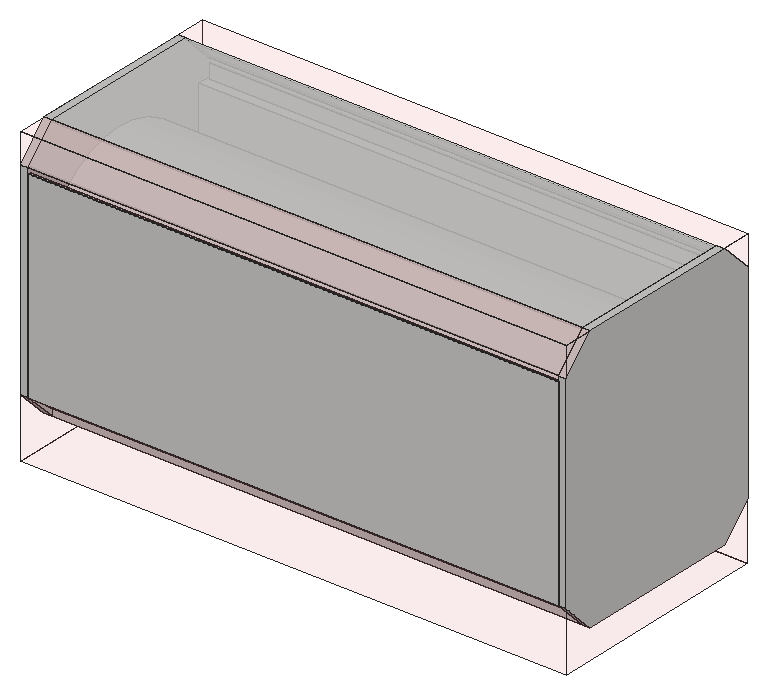
Revit family "Air-Curtain_Climate-Control_PoweredAire_ETD", category Mechanical Equipment, host Face, Revit 2016
Family settings
  Host = Face
  Part Type = Normal
  Round Connector Dimension = Use Diameter
  OmniClass Number = 23.75.35.17.21
  OmniClass Title = Air Curtains
  Cut with Voids When Loaded = No
  Shared = No
  Room Calculation Point = No
Parameters
  Warranty Duration (Years) = 0
  Unit Width Notes = "Other Widths available."  # constant formula
  Unit Width = 3' - 0"
  Unit Weight = 0
  Unit Height = 1' - 3"
  Unit Depth = 1' - 5 1/2"
  URL = "http://www.poweredaire.com/"
  Test Data = ""
  Temperature Rise_Range = "as Specified"
  Standards Conformance = "as Specified"
  Specification = "http://www.arcat.com/sdspecs/htm04/23_34_33pai.htm"
  SpecWizard = ""
  Sound Pressure = "as Specified"
  Sales Information = "http://www.poweredaire.com/contact_us"
  Revision = "R1_2016-08"
  Projection from Host [instance] = 0' - 2"
  Product Properties = ""
  Product Data = "http://www.arcat.com/arcatcos/cos47/arc47623.html"
  Power Rating = 0 W
  Outlet Volume_Range = "as Specified"
  Outlet Velocity_Range = "as Specified"
  Nozzle Width = if(1 = 1, Unit Width - 0' 1", 0' 0")  # 2' - 11"
  Mounting Width = if(1 = 1, Unit Width - 0' 0 15/16", 0' 0")  # 2' - 11 1/16"
  Mounting Height [instance] = 3' - 6"
  Motor RPM = 0
  Motor HP = 0
  Motor Count = 0
  Model = "As Specified"
  Max Height = 0' - 0"
  Manufacturer Website = "http://www.poweredaire.com/"
  Manufacturer Phone - Toll Free = "888-321-2473"
  Manufacturer Phone = "724-588-3305"
  Manufacturer Fax = "724-588-3371"
  Manufacturer Address = "109 Mortensen Rd.  Greenville, PA 16125"
  Manufacturer = "Powered Aire, Inc"
  Maintenance Schedule (Months) = 0
  Keynote = "23 34 33"
  Installation-Fabrication = ""
  Installation Phase = ""
  Include Clearance [instance] = yes
  Heating Element Load = 0 W
  HVAC_Temperature Rise [instance] = 0 °F
  HVAC_Outlet Volume [instance] = 0 CFM
  HVAC_Outlet Velocity Uniformity = 0
  HVAC_Outlet Velocity [instance] = 0 FPM
  Green Building-LEED = "http://www.arcat.com/green/clients/leed_data_47623.html"
  Front Grating Material [instance] = Metal - Steel - PoweredAire - Stainless 304 Perforated
  Frame Finish [instance] = Metal - Steel - PoweredAire - Stainless 304
  Expected Lifespan (Years) = 0
  Electrical_Wattage [instance] = Power Rating + Heating Element Load  # 0 W
  Electrical_Voltage [instance] = 0 V
  Electrical_Phase [instance] = 1
  Electrical_Frequency [instance] = 0 Hz
  Electrical_Amperage [instance] = 0 A
  Drawn By = "Sumex Design, Inc. / Robert S. Weygant, CSI, CDT, SCIP"
  Description = "Powered Aire Air Curtain as Specified"
  Default Elevation = 0' - 0"  # constant formula
  Copyright = "©Arcat Inc."
  Construction Details = "http://www.arcat.com/details/powair/prod3336.html"
  Clearance_Top [instance] = 0' - 0"
  Clearance_Side B [instance] = 0' - 0"
  Clearance_Side A [instance] = 0' - 0"
  Clearance_Intake [instance] = 0' - 0"
  Clearance_Bottom [instance] = 0' - 0"
  Clearance Material [instance] = ARCAT Clearance
  Building Codes = ""
  Available Options [instance] = "as Specified"
  Assembly Code = "D3090400"
Reference planes (in)
  plane 1 "Center (Elevation)": y = 0.13818
  plane 2: z = 0
  plane 3 "Center (Left/Right)": x = 0
  plane 4: y = 7.63818
  plane 5: y = -7.36182
  plane 6: x = -18
  plane 7: x = 18
  plane 8: z = 19.5
  plane 9 "FF": y = -41.86182
  plane 10: z = 2
  plane 11: x = 17.5
  plane 12: x = -17.5
  plane 13: y = 7.63818
  plane 14: y = -7.36182
  plane 15: x = -18
  plane 16: x = 18
  plane 17: z = 19.5
Forms (in)
  Extrusion 1, solid, material "Metal - Steel - PoweredAire - Stainless 304" <- "Frame Finish"
    sketch origin (0, 0, 0) x (0, 1, 0) y (0, 0, 1)
      loop
        line (5.69363, 2) -> (7.63818, 3.94454) -> (7.63818, 17.55546) -> (5.69363, 19.5) -> (-5.41728, 19.5) -> (-7.36182, 17.55546) -> (-7.36182, 3.94454) -> (-5.41728, 2) -> (5.69363, 2)
    from 17.5 to 18
  Extrusion 2, solid, material "Metal - Steel - PoweredAire - Stainless 304" <- "Frame Finish"
    sketch origin (0, 0, -0.5) x (0, 1, 0) y (0, 0, 1)
      loop
        circle (0.13818, 10.9739) r 6.25
      loop
        line (6.63818, 16.89427) -> (6.63818, 5.87829) -> (7.33849, 5.87829) -> (7.33849, 16.89427) -> (6.63818, 16.89427)
      loop
        line (-7.02798, 16.76927) -> (-7.02798, 5.75329) -> (-6.36182, 5.75329) -> (-6.36182, 16.76927) -> (-7.02798, 16.76927)
    from -17.5 to 17.5
  Extrusion 3, solid, material "Metal - Steel - PoweredAire - Stainless 304" <- "Frame Finish"
    sketch origin (0, 0, 0) x (0, 1, 0) y (0, 0, -1)
      loop
        line (5.69363, -2) -> (-5.41728, -2) -> (-7.36182, -3.94454) -> (-7.36182, -17.55546) -> (-5.41728, -19.5) -> (5.69363, -19.5) -> (7.63818, -17.55546) -> (7.63818, -3.94454) -> (5.69363, -2)
    from 17.5 to 18
  Extrusion 4, solid, material "Metal - Steel - PoweredAire - Stainless 304" <- "Frame Finish"
    sketch origin (0, 0, 0) x (0, 1, 0) y (0, 0, 1)
      loop
        line (-5.41728, 2) -> (5.69363, 2) -> (7.63818, 3.94454) -> (7.63818, 17.19454) -> (7.51318, 17.19454) -> (7.51318, 3.99632) -> (5.64186, 2.125) -> (-5.29228, 2.125) -> (-5.29228, 4.06954) -> (-7.23682, 4.06954) -> (-7.23682, 17.19454) -> (-7.36182, 17.19454) -> (-7.36182, 3.94454) -> (-5.41728, 3.94454) -> (-5.41728, 2)
      loop
        line (-6.64819, 3.61034) -> (-5.8702, 2.83235) -> (-5.74472, 2.95783) -> (-6.52271, 3.73583) -> (-6.64819, 3.61034)
    from -17.5 to 17.5
  Extrusion 5, solid, material "Metal - Steel - PoweredAire - Stainless 304 Perforated" <- "Front Grating Material"
    sketch origin (0, 0, 0) x (0, 1, 0) y (0, 0, 1)
      loop
        line (-7.36182, 17.19454) -> (-7.23682, 17.19454) -> (-7.23682, 17.50368) -> (-5.3655, 19.375) -> (5.64186, 19.375) -> (7.51318, 17.50368) -> (7.51318, 17.19454) -> (7.63818, 17.19454) -> (7.63818, 17.55546) -> (5.69363, 19.5) -> (-5.41728, 19.5) -> (-7.36182, 17.55546) -> (-7.36182, 17.19454)
    from -17.5 to 17.5
  Extrusion 6, solid, material "ARCAT Clearance" <- "Clearance Material", visible <- "Include Clearance"
    sketch origin (0, 0, 0) x (0, 1, 0) y (0, 0, 1)
      loop
        line (-7.36182, 19.5) -> (-7.36182, 0) -> (7.63818, 0) -> (7.63818, 19.5) -> (-7.36182, 19.5)
    from -18 to 18
Dimensions and locks (in)
  equal spacing: plane 4, plane 1 "Center (Elevation)", plane 5
  "Unit Height": plane 4 to plane 5
  equal spacing: plane 6, plane 3 "Center (Left/Right)", plane 7
  "Unit Width": plane 6 to plane 7
  "Mounting Height": plane 1 "Center (Elevation)" to plane 9 "FF"
  "Projection from Host": plane 10 to level
  "Unit Depth": plane 8 to plane 10
  locked: plane 6 to plane 12 at 0.5
  locked: plane 11 to plane 7 at 0.5
  "Clearance_Side A": plane 7 to plane 16
  "Clearance_Side B": plane 15 to plane 6
  "Clearance_Top": plane 13 to plane 4
  "Clearance_Bottom": plane 5 to plane 14
  "Clearance_Intake": plane 17 to plane 8
  aligned and locked: plane 2 to host face
  aligned and locked: level to host face
  aligned and locked: plane 7 to Extrusion 1
  aligned and locked: Extrusion 1 to plane 11
  aligned and locked: plane 12 to Extrusion 3
  aligned and locked: Extrusion 3 to plane 6
  aligned and locked: Extrusion 2 to plane 12
  aligned and locked: plane 11 to Extrusion 2
  aligned and locked: plane 11 to Extrusion 4
  aligned and locked: Extrusion 4 to plane 12
  aligned and locked: plane 11 to Extrusion 5
  aligned and locked: Extrusion 5 to plane 12
  aligned and locked: Extrusion 6 sketch curve to plane 17
  aligned and locked: plane 14 to Extrusion 6 sketch curve
  aligned and locked: level to Extrusion 6 sketch curve
  aligned and locked: Extrusion 6 sketch curve to plane 13
  aligned and locked: plane 16 to Extrusion 6
  aligned and locked: Extrusion 6 to plane 15
Automatic sketch dimensions
  host sketch curve to host sketch curve = 8' - 0"  (x2)
  Extrusion 1 sketch curve to plane 5 = 0' - 0"
  Extrusion 1 sketch curve to plane 8 = 0' - 0"
  Extrusion 1 sketch curve to plane 10 = 0' - 0"
  Extrusion 1 sketch curve to plane 4 = 0' - 0"
  plane 5 to Extrusion 1 sketch curve = 0' - 1.94454"  (x2)
  Extrusion 1 sketch curve to plane 4 = 0' - 1.94454"  (x2)
  plane 10 to Extrusion 1 sketch curve = 0' - 1.94454"  (x2)
  Extrusion 1 sketch curve to plane 8 = 0' - 1.94454"  (x2)
  Extrusion 2 sketch curve to plane 1 "Center (Elevation)" = 0' - 0"
  plane 5 to Extrusion 2 sketch curve = 0' - 1"
  plane 5 to Extrusion 2 sketch curve = 0' - 0.33384"
  Extrusion 2 sketch curve to plane 4 = 0' - 1"
  Extrusion 2 sketch curve to plane 4 = 0' - 0.29969"
  plane 10 to Extrusion 2 sketch curve = 0' - 3.37829"
  plane 10 to Extrusion 2 sketch curve = 0' - 3.25329"
  Extrusion 2 sketch curve to plane 8 = 0' - 9.0261"
  Extrusion 2 sketch curve to plane 8 = 0' - 3.23073"
  Extrusion 2 sketch curve to plane 8 = 0' - 3.10573"
  Extrusion 3 sketch curve to plane 5 = 0' - 0"
  Extrusion 3 sketch curve to plane 8 = 0' - 0"
  Extrusion 3 sketch curve to plane 10 = 0' - 0"
  Extrusion 3 sketch curve to plane 4 = 0' - 0"
  plane 5 to Extrusion 3 sketch curve = 0' - 1.94454"  (x2)
  Extrusion 3 sketch curve to plane 4 = 0' - 1.94454"  (x2)
  Extrusion 3 sketch curve to plane 8 = 0' - 1.94454"  (x2)
  plane 10 to Extrusion 3 sketch curve = 0' - 1.94454"  (x2)
  Extrusion 4 sketch curve to plane 5 = 0' - 0"
  Extrusion 4 sketch curve to plane 10 = 0' - 0"
  Extrusion 4 sketch curve to plane 4 = 0' - 0"
  plane 5 to Extrusion 4 sketch curve = 0' - 0 1/8"
  plane 5 to Extrusion 4 sketch curve = 0' - 0.71363"
  Extrusion 4 sketch curve to Extrusion 4 sketch curve = 0' - 0.12548"  (x2)
  Extrusion 4 sketch curve to Extrusion 4 sketch curve = 0' - 0.778"
  Extrusion 4 sketch curve to Extrusion 4 sketch curve = 0' - 0.32744"
  Extrusion 4 sketch curve to Extrusion 4 sketch curve = 0' - 0 1/8"  (x2)
  plane 10 to Extrusion 4 sketch curve = 0' - 0 1/8"
  Extrusion 4 sketch curve to plane 4 = 0' - 1.99632"
  Extrusion 4 sketch curve to Extrusion 4 sketch curve = 0' - 0.05178"  (x2)
  plane 10 to Extrusion 4 sketch curve = 0' - 0.83235"
  plane 10 to Extrusion 4 sketch curve = 0' - 1.94454"
  Extrusion 4 sketch curve to Extrusion 4 sketch curve = 0' - 0.3342"
  Extrusion 4 sketch curve to plane 4 = 0' - 0 1/8"
  Extrusion 4 sketch curve to plane 8 = 0' - 2.30546"  (x2)
  Extrusion 5 sketch curve to plane 5 = 0' - 0"
  Extrusion 5 sketch curve to plane 8 = 0' - 0"
  Extrusion 5 sketch curve to plane 4 = 0' - 0"
  plane 5 to Extrusion 5 sketch curve = 0' - 0 1/8"
  plane 5 to Extrusion 5 sketch curve = 0' - 1.94454"
  Extrusion 5 sketch curve to plane 8 = 0' - 0 1/8"
  Extrusion 5 sketch curve to Extrusion 5 sketch curve = 0' - 0.05178"  (x4)
  Extrusion 5 sketch curve to plane 4 = 0' - 1.99632"
  Extrusion 5 sketch curve to plane 8 = 0' - 1.94454"  (x2)
  Extrusion 5 sketch curve to Extrusion 5 sketch curve = 0' - 0 1/8"
  Extrusion 5 sketch curve to Extrusion 5 sketch curve = 0' - 0.30914"  (x2)
  radius of Extrusion 2 sketch curve = 0' - 6 1/4"
Connectors (in)
  electrical at (0, 7.63818, 10.56954), driven by "Electrical_Phase", driven by "Electrical_Voltage"
    settings: on Extrusion 4, index 1, voltage 0 V, apparent load 0 VA, apparent load phase1 0 VA, apparent load phase2 0 VA, apparent load phase3 0 VA, power factor 1, load classification "Motor", number of poles 1, system type 31, power factor state 1, is connector primary yes, connector utility no, sub classification motor no, connector description ""
